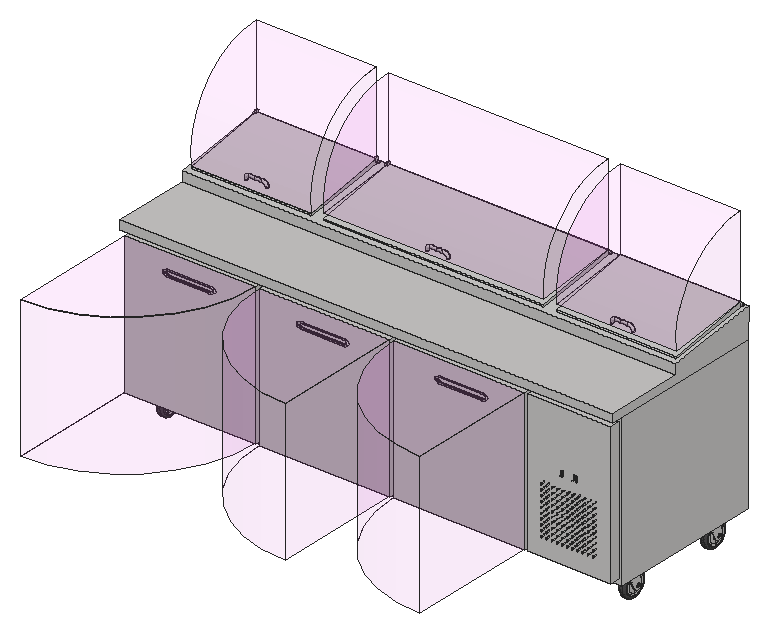
Revit family "QF_Kelvinator_738254_KCHPT92.12", category Specialty Equipment, Revit 2023 (continued)
Definition of nested family "KCHPT"
  Automatic sketch dimensions
    radius of Sweep 7 sketch curve = 1/4"
    radius of Sweep 27 sketch curve = 1/4"
    radius of Extrusion 13 sketch curve = 1/4"
    radius of Sweep 19 sketch curve = 1/4"
  Nested families (in)
    nested 1: "6 INCHES 02_CASTER" at (91.325, -25.4, 0), type "6 INCHES 02_CASTER"
      with Type Mark "", Specification by User "", Show Casters yes, Revision Code "", Item Number "", Installed By "", Identify Quantity as Lot yes, Furnished By "", Foodservice Equipment Identifier yes
    nested 2: "6 INCHES 02_CASTER" at (2.875, -25.4, 0), type "6 INCHES 02_CASTER"
      with Type Mark "", Specification by User "", Show Casters yes, Revision Code "", Item Number "", Installed By "", Identify Quantity as Lot yes, Furnished By "", Foodservice Equipment Identifier yes
    nested 3: "6 INCHES 02_CASTER" at (91.325, -6.025, 0), type "6 INCHES 02_CASTER"
      with Type Mark "", Specification by User "", Show Casters yes, Revision Code "", Item Number "", Installed By "", Identify Quantity as Lot yes, Furnished By "", Foodservice Equipment Identifier yes
    nested 4: "6 INCHES 02_CASTER" at (2.875, -6.025, 0), type "6 INCHES 02_CASTER"
      with Type Mark "", Specification by User "", Show Casters yes, Revision Code "", Item Number "", Installed By "", Identify Quantity as Lot yes, Furnished By "", Foodservice Equipment Identifier yes
  Definition of nested family "6 INCHES 02_CASTER"
    Parameters (values of type "6 INCHES 02_CASTER")
      Weight = ""
      URL Manufacturer = ""
      URL Cutsheet = ""
      URL = ""
      Type Mark [instance] = ""
      Specification by User [instance] = ""
      Specification by Manufacturer = ""
      Show Casters [instance] = yes
      Serial Number = ""
      Seismic Rating = ""
      SMACNA No = ""
      Revision Code [instance] = ""
      Omniclass Number and Title = ""
      NAFEM Spec ID Number = ""
      Model = ""
      MasterSpec. = ""
      Manufacturer = ""
      Item Number [instance] = ""
      Installed By [instance] = ""
      Identify Quantity as Lot [instance] = yes
      Furnished By [instance] = ""
      Foodservice Equipment Identifier [instance] = yes
      Description = ""
      Default Elevation = 0"
      CSI MasterFormat = ""
      CSI Master Format = ""
    Reference planes (in)
      plane 1 "BACK": y = 0
      plane 2: z = 0
      plane 3 "LEFT": x = 0
      plane 4 "RIGHT": x = 0
      plane 5 "FRONT": y = 0
      plane 6 "TOP": z = 5.5
    Forms (in)
      Revolve 1, solid, visible <- "Show Casters"
        sketch origin (-2.21793, 0, -0.25) x (-1, 0, 0) y (0, 0, 1)
          loop
            line (-2.21793, 5.75) -> (-2.21793, 5.55584) -> (-0.71818, 5.55584) -> (-0.71818, 5.75) -> (-2.21793, 5.75)
          axis (-2.21793, 5.55584) -> (-2.21793, 5.75)
        angle from 0 to 360
      Extrusion 2, solid, visible <- "Show Casters"
        sketch origin (0.25594, 2.08988, -0.1875) x (0, 1, 0) y (0, 0, 1)
          loop
            line (-3.37793, 5.49334) -> (-3.37793, 5.24334) -> (-1.67236, 2.30765)
            arc (-1.67236, 2.30765) -> (-0.65502, 1.97635) -> (-0.25363, 2.96812) r 0.78437
            line (-0.25363, 2.96812) -> (-0.80182, 5.49334) -> (-3.37793, 5.49334)
        from 0.78968 to 0.90247
      Extrusion 3, solid, visible <- "Show Casters"
        sketch origin (-0.25594, 2.08988, -0.1875) x (0, 1, 0) y (0, 0, -1)
          loop
            line (-3.37793, -5.24334) -> (-3.37793, -5.49334) -> (-0.80182, -5.49334) -> (-0.25363, -2.96812)
            arc (-0.25363, -2.96812) -> (-0.65502, -1.97635) -> (-1.67236, -2.30765) r 0.78437
            line (-1.67236, -2.30765) -> (-3.37793, -5.24334)
        from 0.78968 to 0.90247
      Extrusion 4, solid, visible <- "Show Casters"
        sketch origin (0, -0.12806, 0.75) x (0, 1, 0) y (0, 0, 1)
          loop
            line (-1.16, 4.55584) -> (-1.16, 4.30584) -> (1.41611, 4.30584) -> (1.41611, 4.55584) -> (-1.16, 4.55584)
        from -1.04562 to 1.04562
      Revolve 5, solid, visible <- "Show Casters"
        sketch origin (-1.9375, 1.11772, -0.12802) x (1, 0, 0) y (0, 0, 1)
          loop
            line (0.5843, 2.5666) -> (0.5843, 2.4286) -> (0.6343, 2.3786) -> (0.6943, 2.3786) -> (0.6943, 2.2429) -> (1.1725, 2.2429) -> (1.1725, 1.84743) -> (1.30191, 1.77271) -> (1.42647, 1.00302) -> (1.28125, 1.00302) -> (1.28125, 0.75302) -> (1.3125, 0.75302) -> (1.3125, 0.50302)
            arc (1.3125, 0.50302) -> (1.42233, 0.23785) -> (1.6875, 0.12802) r 0.375
            line (1.6875, 0.12802) -> (2.1875, 0.12802)
            arc (2.1875, 0.12802) -> (2.45267, 0.23785) -> (2.5625, 0.50302) r 0.375
            line (2.5625, 0.50302) -> (2.5625, 0.75302) -> (2.59375, 0.75302) -> (2.59375, 1.00302) -> (2.44853, 1.00302) -> (2.57366, 1.77622) -> (2.7025, 1.85061) -> (2.7025, 2.2429) -> (3.1807, 2.2429) -> (3.1807, 2.3786) -> (3.2407, 2.3786) -> (3.2907, 2.4286) -> (3.2907, 2.5666) -> (0.5843, 2.5666)
          axis (0.5843, 2.5666) -> (3.2907, 2.5666)
        angle from 0 to 360
    Cuts and joins
      joined: Extrusion 2, Extrusion 3, Extrusion 4
    Lines and regions (in)
      symbolic lines, visible <- "Show Casters"
        curve 1: line (0.45873, 2.04243, 0) -> (1.54127, 1.41743, 0)
        curve 2: line (-1.54127, -1.42167, 0) -> (-0.79127, -0.12263, 0)
        curve 3: line (-0.45873, -2.04667, 0) -> (-1.54127, -1.42167, 0)
        curve 4: line (1.54127, 1.41743, 0) -> (0.79127, 0.11839, 0)
        curve 5: line (-0.29127, 0.74339, 0) -> (0.45873, 2.04243, 0)
        curve 6: line (0.29127, -0.74763, 0) -> (-0.45873, -2.04667, 0)
    Dimensions and locks (in)
      plane 6 "TOP" to level = 5 1/2"  (x2)
      aligned and locked: level to plane 2
